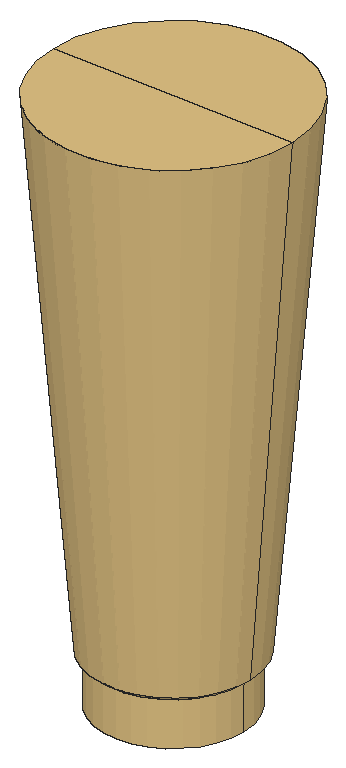
Revit family "STR_CONE AWF_0238005", category Generic Models, Revit 2018
Family settings
  Can host rebar = No
  Round Connector Dimension = Use Diameter
  Part Type = Normal
  OmniClass Number = 35.51.14.00
  OmniClass Title = FORMWORK
  Work Plane-Based = Yes
  Always vertical = No
  Cut with Voids When Loaded = No
  Shared = Yes
  Room Calculation Point = No
Parameters
  VERSION = "20170217"  # constant formula
  URL = "www.ulmaconstruction.com/en"
  UNICLASS = ""
  Manufacturer = "ULMA CONSTRUCTION"  # constant formula
  ITEM_CODE = "0238005"
  FILTER [instance] = ""
  Default Elevation = 0.000 mm
  CLASSIFICATION_TITLE = ""
  CLASSIFICATION_NUMBER = ""
Reference planes
  plane 1 "Centro (Frontal/Posterior)": y = 0
  plane 2: z = 0
  plane 3 "Centro (Izquierda/Derecha)": x = 0
Forms (mm)
  Revolve 1, solid, material "ULMA BICHROMATE"
    sketch origin (0, 0, 0) x (1, 0, 0) y (0, 0, 1)
      loop
        line (-22, 0) -> (-14.265, -91.004) -> (-13, -92) -> (-13, -100) -> (0, -100) -> (0, 0) -> (-22, 0)
      axis (0, 0) -> (0, -100)
    angle from 0 to 360
Lines and regions (mm)
  model lines, style "ULMA ANCHOR", detail levels fine
    curve 1: circle (0, 0, -100) r 9 normal (0, 0, 1)
    curve 2: circle (0, 0, 0) r 18 normal (0, 0, 1)
Dimensions and locks
  aligned and locked: level to plane 2
